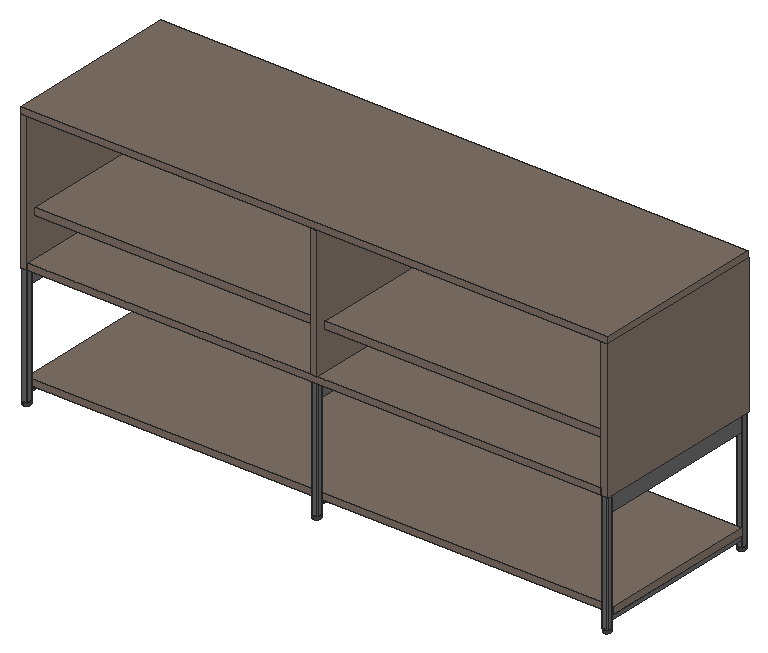
Revit family "Storage-Teknion-LWBHC_Byward_High_Cabinet-R2022", category Furniture, Revit 2022 (continued)
Lines and regions (in)
  symbolic lines, style "FurnitureHiddenLines", visible <- "Double Left Door Visibility", detail levels medium+fine
    curve 116: line (1.407, -6.95959, 0) -> (1.407, -6.27209, 0)
    curve 117: line (1.407, -6.27209, 0) -> (-14.597, -6.27209, 0)
  symbolic lines, style "FurnitureHiddenLines", visible <- "Single Left Door Visibility", detail levels medium+fine
    curve 60: line (-29.212, -6.922, 0) -> (-29.212, -6.234, 0)
    curve 61: line (-11.681, -6.922, 0) -> (-29.212, -6.922, 0)
    curve 62: line (-11.681, -6.234, 0) -> (-11.681, -6.922, 0)
    curve 118: line (-11.681, -6.27209, 0) -> (-29.212, -6.27209, 0)
    curve 119: line (-29.212, -6.27209, 0) -> (-29.212, -6.95959, 0)
    curve 120: line (-29.212, -6.95959, 0) -> (-11.681, -6.95959, 0)
    curve 121: line (-11.681, -6.95959, 0) -> (-11.681, -6.27209, 0)
  symbolic lines, style "FurnitureHiddenLines", visible <- "Double Right Door Visibility", detail levels medium+fine
    curve 63: line (-11.691, -6.23376, 0) -> (0.344, -6.23376, 0)
    curve 64: line (0.344, -6.23376, 0) -> (0.344, -6.92126, 0)
    curve 65: line (0.344, -6.92126, 0) -> (-11.691, -6.92126, 0)
    curve 66: line (29.253, -6.43576, 0) -> (14.715, -6.43576, 0)
    curve 67: line (14.715, -6.43576, 0) -> (14.715, -6.92126, 0)
    curve 68: line (14.715, -6.92126, 0) -> (29.253, -6.92126, 0)
    curve 69: line (29.253, -6.92126, 0) -> (29.253, -6.43576, 0)
    curve 122: line (14.597, -6.2725, 0) -> (0.344, -6.2725, 0)
    curve 123: line (0.344, -6.2725, 0) -> (0.344, -6.96, 0)
    curve 124: line (0.344, -6.96, 0) -> (14.597, -6.96, 0)
    curve 125: line (14.597, -6.96, 0) -> (14.597, -6.2725, 0)
    curve 126: line (29.253, -6.2725, 0) -> (14.715, -6.2725, 0)
    curve 127: line (14.715, -6.2725, 0) -> (14.715, -6.96, 0)
    curve 128: line (14.715, -6.96, 0) -> (29.253, -6.96, 0)
    curve 129: line (29.253, -6.96, 0) -> (29.253, -6.2725, 0)
  symbolic lines, style "FurnitureHiddenLines", visible <- "Single Right Door Visibility", detail levels medium+fine
    curve 70: line (11.869, -6.9215, 0) -> (29.313, -6.9215, 0)
    curve 71: line (29.313, -6.9215, 0) -> (29.313, -6.436, 0)
    curve 72: line (11.869, -6.234, 0) -> (11.869, -6.9215, 0)
  model lines
    curve 83: line (13.407, 0, 66.54502) -> (13.525, 0, 66.54502)
  symbolic lines, style "FurnitureHiddenLines", visible <- "Left Center Support Visibility", detail levels medium+fine
    curve 84: line (-2.366, 9.405, 0) -> (-2.366, -5.405, 0)
    curve 85: line (-2.366, -5.405, 0) -> (-0.30667, -6.283, 0)
    curve 86: line (-0.30667, -6.283, 0) -> (-0.134, -6.283, 0)
    curve 87: line (-0.134, -6.283, 0) -> (-0.134, 10.3125, 0)
    curve 88: line (-0.134, 10.3125, 0) -> (-0.23748, 10.3125, 0)
    curve 89: line (-0.23748, 10.3125, 0) -> (-2.366, 9.405, 0)
  symbolic lines, style "FurnitureHiddenLines", visible <- "Third Leg Visibility", detail levels fine
    curve 100: arc (-0.125, 10.61853, 0) -> (0, 10.49353, 0) -> (0.125, 10.61853, 0) r 0.125
    curve 101: arc (0.125, 10.61853, 0) -> (0, 10.74353, 0) -> (-0.125, 10.61853, 0) r 0.125
    curve 102: arc (-0.125, -6.619, 0) -> (0, -6.744, 0) -> (0.125, -6.619, 0) r 0.125
    curve 103: arc (0.125, -6.619, 0) -> (0, -6.494, 0) -> (-0.125, -6.619, 0) r 0.125
  symbolic lines, style "FurnitureHiddenLines", visible <- "Third Leg Visibility", detail levels medium+fine
    curve 138: line (-0.3125, -6.373, 0) -> (-0.3125, -6.818, 0)
    curve 139: arc (-0.3125, -6.818, 0) -> (-0.28614, -6.88164, 0) -> (-0.2225, -6.908, 0) r 0.09
    curve 140: line (-0.2225, -6.908, 0) -> (0.2225, -6.908, 0)
    curve 141: arc (0.2225, -6.908, 0) -> (0.28614, -6.88164, 0) -> (0.3125, -6.818, 0) r 0.09
    curve 142: line (0.3125, -6.818, 0) -> (0.3125, -6.373, 0)
    curve 143: arc (0.3125, -6.373, 0) -> (0.28614, -6.30936, 0) -> (0.2225, -6.283, 0) r 0.09
    curve 144: line (0.2225, -6.283, 0) -> (-0.2225, -6.283, 0)
    curve 145: arc (-0.2225, -6.283, 0) -> (-0.28614, -6.30936, 0) -> (-0.3125, -6.373, 0) r 0.09
    curve 146: line (0.3125, 10.4122, 0) -> (0.3125, 10.846, 0)
    curve 147: arc (0.3125, 10.846, 0) -> (0.28614, 10.90964, 0) -> (0.2225, 10.936, 0) r 0.09
    curve 148: line (0.2225, 10.936, 0) -> (-0.2225, 10.936, 0)
    curve 149: arc (-0.2225, 10.936, 0) -> (-0.28614, 10.90964, 0) -> (-0.3125, 10.846, 0) r 0.09
    curve 150: line (-0.3125, 10.846, 0) -> (-0.3125, 10.4122, 0)
    curve 151: arc (-0.3125, 10.4122, 0) -> (-0.28286, 10.34064, 0) -> (-0.2113, 10.311, 0) r 0.1012
    curve 152: line (-0.2113, 10.311, 0) -> (0.2113, 10.311, 0)
    curve 153: arc (0.2113, 10.311, 0) -> (0.28286, 10.34064, 0) -> (0.3125, 10.4122, 0) r 0.1012
  symbolic lines, style "FurnitureHiddenLines", visible <- "Shelf Both Sides Visibility", detail levels medium+fine
    curve 154: line (0.344, -6.07383, 0) -> (29.3125, -6.07383, 0)
    curve 155: line (29.3125, -6.07383, 0) -> (29.3125, 10.3125, 0)
    curve 156: line (29.3125, 10.3125, 0) -> (0.344, 10.3125, 0)
    curve 157: line (0.344, 10.3125, 0) -> (0.344, -6.07383, 0)
    curve 158: line (-29.3125, -6.07383, 0) -> (-0.344, -6.07383, 0)
    curve 159: line (-0.344, -6.07383, 0) -> (-0.344, 10.3125, 0)
    curve 160: line (-0.344, 10.3125, 0) -> (-29.3125, 10.3125, 0)
    curve 161: line (-29.3125, 10.3125, 0) -> (-29.3125, -6.07383, 0)
  symbolic lines, style "FurnitureHiddenLines", visible <- "Left Modern Straight (ADA) Handle", detail levels medium+fine
    curve 162: line (-16.14222, -7.69312, 0) -> (-15.66978, -7.69312, 0)
    curve 163: line (-13.64222, -7.69312, 0) -> (-13.16978, -7.69312, 0)
  symbolic lines, style "FurnitureHiddenLines", visible <- "Right Modern Straight (ADA) Handle", detail levels medium+fine
    curve 164: line (13.16978, -7.69312, 0) -> (14.54622, -7.69312, 0)
    curve 165: line (12.66978, -7.69312, 0) -> (13.14222, -7.69312, 0)
  reference lines
    curve 166: line (-30, 11, 0) -> (30, 11, 0)
    curve 167: line (-30, -7, 0) -> (-30, 11, 0)
    curve 168: line (30, -7, 0) -> (-30, -7, 0)
    curve 169: line (30, 11, 0) -> (30, -7, 0)
Dimensions and locks (in)
  "Width": plane 4 "Left" to plane 5 "Right"
  "Depth": plane 6 "Back" to plane 7 "Front"
  plane 8 "Top" to plane 10 to level = 7.65551", 19.59449"
  plane 6 "Back" to plane 1 "Center Front/Back" to plane 7 "Front" = 11.000", 7.000"
  equal spacing: plane 4 "Left", plane 3 "Center Left/Right", plane 5 "Right"
  Sweep 1 sketch curve to Sweep 1 sketch curve to level = 12.175" locked, 0.325" locked
  plane 4 "Left" to Sweep 1 sketch curve to Sweep 1 sketch curve to Sweep 1 sketch curve to Sweep 1 sketch curve = 0.031" locked, 0.000" locked, 0.625" locked, 0.000" locked
  Sweep 1 sketch curve to Sweep 1 sketch curve to Sweep 1 sketch curve to Sweep 1 sketch curve to plane 5 "Right" = 0.000" locked, 0.625" locked, 0.000" locked, 0.031" locked
  plane 6 "Back" to Sweep 1 sketch curve to Sweep 1 sketch curve to Sweep 1 sketch curve to Sweep 1 sketch curve = 0.064" locked, 0.000" locked, 0.625" locked, 0.000" locked
  plane 7 "Front" to Sweep 1 sketch curve to Sweep 1 sketch curve to Sweep 1 sketch curve to Sweep 1 sketch curve = 0.092" locked, 0.000" locked, 0.625" locked, 0.000" locked
  plane 7 "Front" to Sweep 2 sketch curve to Sweep 2 sketch curve = 2.261" locked, 0.134" locked
  Sweep 2 sketch curve to Sweep 2 sketch curve to Sweep 2 sketch curve to Sweep 2 sketch curve to level = 0.188" locked, 0.000" locked, 1.312" locked, 10.866" locked
  Sweep 2 sketch curve to Sweep 2 sketch curve to Sweep 2 sketch curve to Sweep 2 sketch curve to plane 4 "Left" = 1.812" locked, 0.02708" locked, 0.188" locked, 0.32592" locked
  Sweep 2 sketch curve to Sweep 2 sketch curve to Sweep 2 sketch curve to Sweep 2 sketch curve to level = 0.18516" locked, 0.00284" locked, 1.312" locked, 10.866" locked
  Sweep 2 sketch curve to Sweep 2 sketch curve to Sweep 2 sketch curve to Sweep 2 sketch curve to plane 5 "Right" = 1.812" locked, 0.00392" locked, 0.18408" locked, 0.32592" locked
  plane 6 "Back" to Sweep 3 sketch curve to Sweep 3 sketch curve = 2.261" locked, 0.134" locked
  plane 4 "Left" to Sweep 2 to Sweep 3 sketch curve to Sweep 3 sketch curve to Sweep 3 sketch curve = 0.32592" locked, 0.188" locked, 0.02708" locked, 1.812" locked
  Sweep 3 sketch curve to Sweep 3 sketch curve to Sweep 3 sketch curve to Sweep 3 sketch curve to level = 0.188" locked, 0.000" locked, 1.312" locked, 10.866" locked  (x2)
  plane 5 "Right" to Sweep 3 sketch curve to Sweep 3 sketch curve to Sweep 3 sketch curve = 0.54101" locked, 0.000" locked, 1.812" locked
  Sweep 4 sketch curve to plane 4 "Left" to Sweep 4 sketch curve = 0.6875" locked, 0.000" locked
  locked: plane 8 "Top" to Sweep 4 sketch curve at 0.6875  (x2)
  Sweep 4 sketch curve to plane 5 "Right" to Sweep 4 sketch curve = 0.6875" locked, 0.000" locked
  plane 4 "Left" to Sweep 5 sketch curve = 0.6875"
  locked: Sweep 5 sketch curve to plane 5 "Right" at 0.6875
  locked: Sweep 5 sketch curve to level at 12.5
  plane 6 "Back" to Sweep 5 sketch curve to Sweep 5 sketch curve = 0.000" locked, 0.6875" locked
  locked: plane 4 "Left" to Sweep 6 sketch curve at 0.6875
  locked: Sweep 6 sketch curve to plane 5 "Right" at 0.6875
  locked: plane 6 "Back" to Sweep 6 sketch curve at 0.6875
  Sweep 6 sketch curve to Sweep 6 sketch curve to level = 0.6875" locked, 12.500" locked
  Sweep 7 sketch curve to Sweep 7 sketch curve to level = 0.075" locked, 0.250" locked
  plane 6 "Back" to Sweep 7 sketch curve to Sweep 7 sketch curve = 0.38147" locked, 0.000" locked
  plane 7 "Front" to Sweep 7 sketch curve to Sweep 7 sketch curve = 0.40131", 0.000" locked
  plane 4 "Left" to Sweep 7 sketch curve to Sweep 7 sketch curve = 0.34591", 0.000" locked
  Sweep 7 sketch curve to Sweep 7 sketch curve to plane 5 "Right" = 0.000" locked, 0.34591" locked
  locked: Sweep 8 sketch curve to level at 0.25
  plane 4 "Left" to Sweep 8 sketch curve to Sweep 8 sketch curve = 0.34591" locked, 0.000" locked
  Sweep 8 sketch curve to Sweep 8 sketch curve to plane 5 "Right" = 0.000" locked, 0.34591" locked
  plane 7 "Front" to Sweep 8 sketch curve to Sweep 8 sketch curve = 0.39168" locked, 0.000" locked
  plane 6 "Back" to Sweep 8 sketch curve to Sweep 8 sketch curve = 0.3935" locked, 0.000" locked
  locked: plane 8 "Top" to Sweep 10 sketch curve at 0.6875
  "Center Divide Position Offset": plane 4 "Left" to plane 9 "Divider Reference Plane"
  locked: plane 6 "Back" to Sweep 10 sketch curve at 0.6875
  Sweep 10 sketch curve to plane 9 "Divider Reference Plane" to Sweep 10 sketch curve = 0.34375" locked, 0.34375" locked
  locked: plane 6 "Back" to Sweep 11 sketch curve at 0.6875
  locked: Sweep 11 sketch curve to plane 4 "Left" at 0.6875
  Sweep 11 sketch curve to Sweep 11 sketch curve to Sweep 11 sketch curve to Sweep 11 sketch curve to level = 0.000" locked, 0.6875" locked, 0.000" locked, 17.1875" locked
  locked: Sweep 11 sketch curve to plane 5 "Right" at 0.6875
  "Shelf Offset": Sweep 11 sketch curve to plane 9 "Divider Reference Plane"
  "Shelf Offset": plane 9 "Divider Reference Plane" to Sweep 11 sketch curve
  locked: plane 6 "Back" to Sweep 12 sketch curve at 0.767
  Sweep 12 sketch curve to Sweep 12 sketch curve to level = 0.6875" locked, 1.500" locked
  locked: Sweep 13 sketch curve to level at 12.559
  "Single Right Door Width": Sweep 13 sketch curve to Sweep 13 sketch curve
  plane 7 "Front" to Sweep 13 sketch curve to Sweep 13 sketch curve = 0.040" locked, 0.6875" locked
  "Single Right Door Offset 1": Sweep 13 sketch curve to plane 5 "Right"
  locked: Sweep 14 sketch curve to level at 12.559
  locked: plane 4 "Left" to Sweep 14 sketch curve at 0.788
  plane 14 "Door Face" to Sweep 14 sketch curve to Sweep 14 sketch curve = 0.00024" locked, 0.6875" locked
  "Single Left Door Width": Sweep 14 sketch curve to Sweep 14 sketch curve
  locked: Sweep 15 sketch curve to level at 12.559
  locked: Sweep 15 sketch curve to plane 5 "Right" at 0.747
  locked: Sweep 15 sketch curve to plane 7 "Front" at 0.7275
  Sweep 15 sketch curve to Sweep 15 sketch curve to Sweep 15 sketch curve to Sweep 15 sketch curve = 0.000" locked, 0.6875" locked, 0.000" locked
  locked: level to Sweep 16 sketch curve at 12.559
  locked: Sweep 16 sketch curve to plane 7 "Front" at 0.72791
  Sweep 16 sketch curve to Sweep 16 sketch curve to Sweep 16 sketch curve to Sweep 16 sketch curve = 0.000" locked, 0.6875" locked, 0.00024" locked
  locked: plane 6 "Back" to Sweep 17 sketch curve at 0.172
  "Single Shevle Height": plane 8 "Top" to Sweep 17 sketch curve to Sweep 17 sketch curve
  locked: Sweep 17 sketch curve to plane 4 "Left" at 0.6875
  locked: Sweep 17 sketch curve to plane 5 "Right" at 0.6875
  Sweep 18 sketch curve to plane 9 "Divider Reference Plane" to Sweep 18 sketch curve = 0.688" locked, 0.000" locked
  locked: Sweep 18 sketch curve to level at 13.1875
  locked: Sweep 19 sketch curve to plane 6 "Back" at 0.6875
  locked: Sweep 19 sketch curve to level at 13.1875
  plane 9 "Divider Reference Plane" to Sweep 19 sketch curve to Sweep 19 sketch curve = 0.000" locked, 0.688" locked
  Sweep 20 sketch curve to level to Sweep 20 sketch curve = 0.250", 0.000"
  locked: plane 6 "Back" to Sweep 20 sketch curve at 0.3935
  plane 9 "Divider Reference Plane" to Sweep 20 sketch curve to Sweep 20 sketch curve = 0.000" locked, 0.000" locked
  Sweep 21 sketch curve to Sweep 21 sketch curve to level = 0.075" locked, 0.250" locked
  plane 9 "Divider Reference Plane" to Sweep 21 sketch curve to Sweep 21 sketch curve = 0.000" locked, 0.000" locked
  Sweep 22 sketch curve to Sweep 22 sketch curve to level = 12.175" locked, 0.325" locked
  Sweep 22 sketch curve to Sweep 22 sketch curve to plane 9 "Divider Reference Plane" to Sweep 22 sketch curve to Sweep 22 sketch curve = 0.000" locked, 0.3125" locked, 0.3125" locked, 0.000" locked
  plane 6 "Back" to Sweep 22 sketch curve to Sweep 22 sketch curve = 0.064" locked, 0.625" locked
  plane 7 "Front" to Sweep 22 sketch curve to Sweep 22 sketch curve = 0.092" locked, 0.625" locked
  nested 2 to Sweep 14 = 4.03295"
  locked: nested 4 to Sweep 15 at 1
  locked: Sweep 15 to nested 5 at 1
  nested 3 to Sweep 13 = 10.80727"
  Sweep 23 sketch curve to Sweep 23 sketch curve to Sweep 23 sketch curve to Sweep 23 sketch curve to Sweep 23 sketch curve to plane 4 "Left" = 2.26311" locked, 0.00415" locked, 0.09873" locked, 0.134" locked, 0.219" locked
  Sweep 23 sketch curve to Sweep 23 sketch curve to Sweep 23 sketch curve to Sweep 23 sketch curve to Sweep 23 sketch curve to level = 0.134" locked, 0.09873" locked, 0.00415" locked, 1.51311" locked, 10.750" locked
  Sweep 23 sketch curve to Sweep 23 sketch curve to Sweep 23 sketch curve to Sweep 23 sketch curve to Sweep 23 sketch curve to plane 4 "Left" = 2.25946" locked, 0.00667" locked, 0.09987" locked, 0.134" locked, 0.219" locked
  Sweep 23 sketch curve to Sweep 23 sketch curve to Sweep 23 sketch curve to Sweep 23 sketch curve to Sweep 23 sketch curve to level = 0.134" locked, 0.09987" locked, 0.00576" locked, 0.38536" locked, 0.875" locked
  Sweep 24 sketch curve to Sweep 24 sketch curve to Sweep 24 sketch curve to Sweep 24 sketch curve to Sweep 24 sketch curve to plane 5 "Right" = 2.26533" locked, 0.00033" locked, 0.10034" locked, 0.134" locked, 0.188" locked
  Sweep 24 sketch curve to Sweep 24 sketch curve to Sweep 24 sketch curve to Sweep 24 sketch curve to Sweep 24 sketch curve to level = 0.134" locked, 0.10034" locked, 0.00033" locked, 1.51533" locked, 10.750" locked
  Sweep 24 sketch curve to Sweep 24 sketch curve to Sweep 24 sketch curve to Sweep 24 sketch curve to Sweep 24 sketch curve to plane 5 "Right" = 2.26544" locked, 0.00009" locked, 0.10047" locked, 0.134" locked, 0.188" locked
  Sweep 24 sketch curve to Sweep 24 sketch curve to Sweep 24 sketch curve to Sweep 24 sketch curve to Sweep 24 sketch curve to level = 0.134" locked, 0.10047" locked, 0.00009" locked, 0.39044" locked, 0.875" locked
  Sweep 25 sketch curve to Sweep 25 sketch curve to Sweep 25 sketch curve to Sweep 25 sketch curve to plane 9 "Divider Reference Plane" to Sweep 25 sketch curve = 2.232" locked, 0.000" locked, 0.134" locked, 0.000", 0.134" locked  (x2)
  Sweep 25 sketch curve to Sweep 25 sketch curve to Sweep 25 sketch curve to Sweep 25 sketch curve to Sweep 25 sketch curve to level = 0.134" locked, 0.134" locked, 0.000" locked, 1.482" locked, 10.750" locked
  Sweep 25 sketch curve to Sweep 25 sketch curve to Sweep 25 sketch curve to Sweep 25 sketch curve to Sweep 25 sketch curve to level = 0.134" locked, 0.134" locked, 0.000" locked, 0.357" locked, 0.875" locked
  Sweep 26 sketch curve to Sweep 26 sketch curve to plane 9 "Divider Reference Plane" to Sweep 26 sketch curve to Sweep 26 sketch curve to Sweep 26 sketch curve = 0.134" locked, 0.000" locked, 0.134" locked, 0.000" locked, 2.232" locked  (x2)
  Sweep 26 sketch curve to Sweep 26 sketch curve to Sweep 26 sketch curve to Sweep 26 sketch curve to Sweep 26 sketch curve to level = 0.134" locked, 0.134" locked, 0.000" locked, 0.732" locked, 11.500" locked
  Sweep 26 sketch curve to Sweep 26 sketch curve to Sweep 26 sketch curve to Sweep 26 sketch curve to Sweep 26 sketch curve to level = 0.134" locked, 0.134" locked, 0.000" locked, 0.357" locked, 0.875" locked
  Sweep 27 sketch curve to Sweep 27 sketch curve to plane 7 "Front" = 0.134" locked, 2.261" locked
  Sweep 27 sketch curve to Sweep 27 sketch curve to Sweep 27 sketch curve to Sweep 27 sketch curve to level = 0.188" locked, 0.000" locked, 1.312" locked, 10.866" locked
  Sweep 27 sketch curve to Sweep 27 sketch curve to Sweep 27 sketch curve to Sweep 27 sketch curve to plane 9 "Divider Reference Plane" = 1.812" locked, 0.000" locked, 0.188" locked, 0.000" locked
  plane 6 "Back" to Sweep 28 sketch curve to Sweep 28 sketch curve = 2.261", 0.134"
  Sweep 28 sketch curve to Sweep 28 sketch curve to Sweep 28 sketch curve to Sweep 28 sketch curve to level = 0.188" locked, 0.000" locked, 1.312" locked, 10.866" locked
  Sweep 28 sketch curve to Sweep 28 sketch curve to Sweep 28 sketch curve to Sweep 28 sketch curve to plane 9 "Divider Reference Plane" = 1.812" locked, 0.000" locked, 0.188" locked, 0.000" locked
  plane 7 "Front" to Sweep 29 sketch curve to Sweep 29 sketch curve = 2.261" locked, 0.134" locked
  Sweep 29 sketch curve to Sweep 29 sketch curve to Sweep 29 sketch curve to Sweep 29 sketch curve to level = 0.188" locked, 0.000" locked, 1.312" locked, 10.866" locked
  Sweep 29 sketch curve to Sweep 29 sketch curve to Sweep 29 sketch curve to plane 9 "Divider Reference Plane" to Sweep 29 sketch curve = 1.812" locked, 0.000" locked, 0.16499" locked, 0.02301" locked
  Sweep 30 sketch curve to Sweep 30 sketch curve to plane 6 "Back" = 0.134" locked, 2.261" locked
  Sweep 30 sketch curve to Sweep 30 sketch curve to Sweep 30 sketch curve to Sweep 30 sketch curve to level = 0.188" locked, 0.000" locked, 1.312" locked, 10.866" locked
  Sweep 30 sketch curve to Sweep 30 sketch curve to Sweep 30 sketch curve to plane 9 "Divider Reference Plane" to Sweep 30 sketch curve = 1.812" locked, 0.000" locked, 0.16499" locked, 0.02301" locked
  Sweep 31 sketch curve to Sweep 31 sketch curve to level = 12.500" locked, 0.6875" locked
  Sweep 31 sketch curve to Sweep 31 sketch curve to plane 6 "Back" = 1.03099" locked, 0.58877" locked  (x3)
  plane 4 "Left" to Sweep 31 sketch curve to Sweep 31 sketch curve to Sweep 31 sketch curve to Sweep 31 sketch curve = 0.33183" locked, 0.00144" locked, 2.41673" locked, 0.000" locked
  Sweep 31 sketch curve to Sweep 31 sketch curve to Sweep 31 sketch curve to Sweep 31 sketch curve to plane 5 "Right" = 0.000" locked, 2.41673" locked, 0.00144" locked, 0.33183" locked
  Sweep 32 sketch curve to Sweep 32 sketch curve to level = 12.500" locked, 0.6875" locked
  Sweep 32 sketch curve to Sweep 32 sketch curve to plane 6 "Back" = 1.03099" locked, 0.58877" locked
  Sweep 32 sketch curve to Sweep 32 sketch curve to Sweep 32 sketch curve to Sweep 32 sketch curve to plane 9 "Divider Reference Plane" = 0.000" locked, 2.41817" locked, 0.000" locked, 0.00591" locked
  locked: plane 4 "Left" to curve 60 at 0.788
  "Single Left Door Width": curve 60 to curve 62
  "Single Right Door Offset 1": curve 71 to plane 5 "Right"
  "Single Right Door Width": curve 72 to curve 71
  "Actual Height": plane 8 "Top" to plane 2
  locked: plane 8 "Top" to Sweep 9 sketch curve at 0.6875
  locked: Sweep 4 sketch curve to plane 2 at 12.5  (x2)
  locked: Sweep 10 sketch curve to level at 13.1875
  locked: plane 8 "Top" to Sweep 15 sketch curve at 0.747
  locked: plane 6 "Back" to Sweep 23 sketch curve at 0.689
  locked: plane 7 "Front" to Sweep 23 sketch curve at 0.717
  locked: plane 6 "Back" to Sweep 26 sketch curve at 0.6875
  locked: plane 7 "Front" to Sweep 26 sketch curve at 0.717
  locked: plane 6 "Back" to Sweep 25 sketch curve at 0.6875
  locked: plane 7 "Front" to Sweep 25 sketch curve at 0.717
  locked: plane 6 "Back" to Sweep 24 sketch curve at 0.6875
  locked: plane 7 "Front" to Sweep 24 sketch curve at 0.717
  plane 7 "Front" to Sweep 31 sketch curve to Sweep 31 sketch curve = 0.61738" locked, 1.03038" locked  (x2)
  plane 7 "Front" to Sweep 31 sketch curve to Sweep 31 sketch curve = 0.58877" locked, 1.03099" locked
  plane 7 "Front" to Sweep 32 sketch curve to Sweep 32 sketch curve = 0.58877" locked, 1.03099" locked
  locked: plane 8 "Top" to Sweep 16 sketch curve at 0.747
  locked: plane 8 "Top" to Sweep 14 sketch curve at 0.747
  locked: plane 8 "Top" to Sweep 13 sketch curve at 0.747
  locked: plane 8 "Top" to Sweep 19 sketch curve at 0.6875
  locked: plane 8 "Top" to Sweep 18 sketch curve at 0.6875
  locked: Sweep 12 sketch curve to plane 7 "Front" at 0.767
  locked: plane 7 "Front" to Sweep 17 sketch curve at 0.886
  locked: plane 7 "Front" to Sweep 20 sketch curve at 0.391
  locked: plane 6 "Back" to Sweep 21 sketch curve at 0.38147
  locked: plane 7 "Front" to Sweep 21 sketch curve at 0.381
  plane 11 "Left Ref 1" to Sweep 33 sketch curve to Sweep 33 sketch curve = 1.01378" locked, 0.47244" locked
  plane 13 to Sweep 33 sketch curve to Sweep 33 sketch curve = 0.83416" locked, 7.51969" locked
  plane 13 to Sweep 34 sketch curve to Sweep 34 sketch curve = 1.64538" locked, 5.89724" locked
  Sweep 34 sketch curve to Sweep 34 sketch curve to plane 11 "Left Ref 1" = 0.500" locked, 1.000" locked
  Sweep 33 sketch curve to plane 7 "Front" to Sweep 33 sketch curve = 1.35862" locked, 0.04038" locked
  Sweep 34 sketch curve to plane 7 "Front" to Sweep 34 sketch curve = 0.98324" locked, 0.04038" locked
  locked: Sweep 33 sketch curve to plane 11 "Left Ref 1" at 1.25
  Sweep 35 sketch curve to Sweep 35 sketch curve to plane 11 "Left Ref 1" = 0.47244" locked, 1.01378" locked
  plane 13 to Sweep 35 sketch curve to Sweep 35 sketch curve = 0.83416" locked, 7.51969" locked
  Sweep 35 sketch curve to plane 7 "Front" to Sweep 35 sketch curve = 0.040" locked, 1.35862" locked
  plane 13 to Sweep 36 sketch curve to Sweep 36 sketch curve = 1.64538" locked, 5.89724" locked
  Sweep 36 sketch curve to Sweep 36 sketch curve to plane 11 "Left Ref 1" = 0.500" locked, 1.000" locked
  Sweep 36 sketch curve to plane 7 "Front" to Sweep 36 sketch curve = 0.04038" locked, 0.98324" locked
  plane 12 to Sweep 37 sketch curve to Sweep 37 sketch curve = 1.01378" locked, 0.47244" locked
  plane 13 to Sweep 37 sketch curve to Sweep 37 sketch curve = 0.83416" locked, 7.51969" locked
  Sweep 37 sketch curve to plane 7 "Front" to Sweep 37 sketch curve = 1.35862" locked, 0.040" locked
  plane 13 to Sweep 38 sketch curve to Sweep 38 sketch curve = 1.64538" locked, 5.89724" locked
  Sweep 38 sketch curve to Sweep 38 sketch curve to plane 12 = 0.500" locked, 1.000" locked
  Sweep 38 sketch curve to plane 7 "Front" to Sweep 38 sketch curve = 0.98324" locked, 0.04038" locked
  Sweep 39 sketch curve to Sweep 39 sketch curve to plane 12 = 0.47244" locked, 1.01378" locked
  plane 13 to Sweep 39 sketch curve to Sweep 39 sketch curve = 0.83416" locked, 7.51969" locked
  Sweep 39 sketch curve to plane 7 "Front" to Sweep 39 sketch curve = 0.040" locked, 1.35862" locked
  plane 13 to Sweep 40 sketch curve to Sweep 40 sketch curve = 1.64538" locked, 5.89724" locked
  Sweep 40 sketch curve to Sweep 40 sketch curve to plane 12 = 0.500" locked, 1.000" locked
  Sweep 40 sketch curve to plane 7 "Front" to Sweep 40 sketch curve = 0.04038" locked, 0.98324" locked
  locked: plane 12 to Sweep 39 sketch curve at 1.25
  locked: Sweep 37 sketch curve to plane 12 at 1.25
  locked: plane 7 "Front" to Sweep 40 sketch curve at 0.04038
  locked: plane 7 "Front" to Sweep 38 sketch curve at 0.04038
  locked: plane 11 "Left Ref 1" to Sweep 35 sketch curve at 1.25
  locked: plane 7 "Front" to Sweep 34 sketch curve at 0.04038
  "Double Handle DIM": plane 4 "Left" to plane 11 "Left Ref 1"
  "Double Handle DIM": plane 12 to plane 5 "Right"
  locked: plane 14 "Door Face" to plane 7 "Front" at 0.04017
  "Middle Door DIM 2": plane 11 "Left Ref 1" to Sweep 15 sketch curve
  Sweep 15 sketch curve to plane 12 to Sweep 15 sketch curve = 0.059" locked, 0.059" locked
  locked: plane 4 "Left" to Sweep 16 sketch curve at 0.747
  locked: Sweep 16 sketch curve to plane 11 "Left Ref 1" at 0.059
  locked: plane 11 "Left Ref 1" to Sweep 16 sketch curve at 0.059
  "Middle Door DIM": Sweep 16 sketch curve to plane 12
  Sweep 6 sketch curve to plane 7 "Front" = 0.000"
  locked: plane 8 "Top" to Sweep 5 sketch curve at 0.6875
  locked: Sweep 11 sketch curve to plane 7 "Front" at 0.92617
  nested 14 to plane 3 "Center Left/Right" = 0.19639"
  Sweep 44 sketch curve to plane 15 "Single Right Handle" to Sweep 44 sketch curve = 0.23622" locked, 0.23622" locked
  plane 13 to Sweep 44 sketch curve to Sweep 44 sketch curve = 0.83416" locked, 7.51969" locked
  Sweep 44 sketch curve to Sweep 44 sketch curve to plane 14 "Door Face" = 1.399" locked, 0.00017" locked
  plane 13 to Sweep 45 sketch curve to Sweep 45 sketch curve = 1.64538" locked, 5.89724" locked
  Sweep 45 sketch curve to plane 15 "Single Right Handle" to Sweep 45 sketch curve = 0.250" locked, 0.250" locked
  Sweep 45 sketch curve to Sweep 45 sketch curve to plane 14 "Door Face" = 1.023" locked, 0.00017" locked
  locked: plane 14 "Door Face" to Sweep 45 sketch curve at 3.25546
  Sweep 46 sketch curve to Sweep 46 sketch curve to plane 3 "Center Left/Right" = 0.47244" locked, 1.01762" locked
  plane 13 to Sweep 46 sketch curve to Sweep 46 sketch curve = 0.83416" locked, 7.51969" locked
  plane 14 "Door Face" to Sweep 46 sketch curve to Sweep 46 sketch curve = 0.00017" locked, 1.399" locked
  plane 13 to Sweep 48 sketch curve to Sweep 48 sketch curve = 1.64538" locked, 5.89724" locked
  plane 3 "Center Left/Right" to Sweep 48 sketch curve to Sweep 48 sketch curve = 1.00384" locked, 0.500" locked
  plane 14 "Door Face" to Sweep 48 sketch curve to Sweep 48 sketch curve = 0.00017" locked, 1.023" locked
  locked: Sweep 46 sketch curve to plane 3 "Center Left/Right" at 1.25384
  locked: plane 14 "Door Face" to Sweep 48 sketch curve at 3.25546
  locked: plane 3 "Center Left/Right" to nested 17 at 0.19655
  locked: Sweep 47 sketch curve to plane 14 "Door Face" at 0.74991
  Sweep 47 sketch curve to plane 3 "Center Left/Right" to Sweep 47 sketch curve = 8.681" locked, 0.319" locked
  locked: plane 3 "Center Left/Right" to Sweep 47 sketch curve at 8.42939
  plane 8 "Top" to Sweep 47 sketch curve to Sweep 47 sketch curve = 0.747" locked, 0.18628" locked
  Sweep 49 sketch curve to Sweep 49 sketch curve to plane 11 "Left Ref 1" = 9.000" locked, 0.059" locked
  locked: plane 14 "Door Face" to Sweep 49 sketch curve at 0.74991
  locked: Sweep 49 sketch curve to plane 11 "Left Ref 1" at 0.49861
  plane 8 "Top" to Sweep 49 sketch curve to Sweep 49 sketch curve = 0.747" locked, 0.18628" locked
  locked: plane 11 "Left Ref 1" to Sweep 50 sketch curve at 0.49861
  plane 8 "Top" to Sweep 50 sketch curve to Sweep 50 sketch curve = 0.747" locked, 0.18628" locked
  plane 11 "Left Ref 1" to Sweep 50 sketch curve to Sweep 50 sketch curve = 0.059" locked, 9.000" locked
  locked: plane 14 "Door Face" to Sweep 50 sketch curve at 0.74991
  plane 12 to Sweep 41 sketch curve to Sweep 41 sketch curve = 0.059" locked, 9.000" locked
  locked: plane 14 "Door Face" to Sweep 41 sketch curve at 0.74991
  plane 8 "Top" to Sweep 41 sketch curve to Sweep 41 sketch curve = 0.747" locked, 0.18628" locked
  locked: Sweep 41 sketch curve to plane 12 at 1.64339
  Sweep 42 sketch curve to Sweep 42 sketch curve to plane 12 = 9.000" locked, 0.059" locked
  locked: plane 14 "Door Face" to Sweep 42 sketch curve at 0.74991
  locked: plane 12 to Sweep 42 sketch curve at 3.61139
  plane 8 "Top" to Sweep 42 sketch curve to Sweep 42 sketch curve = 0.747" locked, 0.18628" locked
  locked: nested 14 to plane 15 "Single Right Handle" at 1.45039
  "DIM Single Right Handle": plane 3 "Center Left/Right" to plane 15 "Single Right Handle"
  locked: plane 7 "Front" to Sweep 18 sketch curve at 0.827
  locked: plane 6 "Back" to Sweep 18 sketch curve at 0.58841
  locked: plane 7 "Front" to Sweep 19 sketch curve at 0.7275
  locked: Sweep 18 sketch curve to plane 9 "Divider Reference Plane" at 1.466
  locked: plane 11 "Left Ref 1" to nested 1 at 1.715
  locked: plane 15 "Single Right Handle" to nested 3 at 0.46478
  locked: nested 2 to plane 11 "Left Ref 1" at 1.715
  locked: nested 18 to plane 3 "Center Left/Right" at 1.71878
  Sweep 43 sketch curve to plane 15 "Single Right Handle" to Sweep 43 sketch curve = 1.191" locked, 7.809" locked
  locked: plane 14 "Door Face" to Sweep 43 sketch curve at 0.74993
  locked: Sweep 43 sketch curve to plane 15 "Single Right Handle" at 0.47661
  plane 8 "Top" to Sweep 43 sketch curve to Sweep 43 sketch curve = 0.747" locked, 0.18628" locked
  locked: plane 9 "Divider Reference Plane" to Sweep 31 sketch curve at 2.41817  (x2)
  aligned and locked: level to plane 2
  aligned and locked: plane 3 "Center Left/Right" to Sweep 1 sketch curve
  aligned and locked: plane 3 "Center Left/Right" to Sweep 2 sketch curve
  aligned and locked: plane 3 "Center Left/Right" to Sweep 3 sketch curve
  aligned and locked: plane 6 "Back" to Sweep 4 sketch curve
  aligned and locked: plane 7 "Front" to Sweep 4 sketch curve
  aligned and locked: Sweep 4 sketch curve to plane 3 "Center Left/Right"
  aligned and locked: plane 1 "Center Front/Back" to Sweep 5 sketch curve
  aligned and locked: plane 1 "Center Front/Back" to Sweep 6 sketch curve
  aligned and locked: plane 3 "Center Left/Right" to Sweep 7 sketch curve
  aligned and locked: level to Sweep 8 sketch curve
  aligned and locked: Sweep 8 sketch curve to plane 3 "Center Left/Right"
  aligned and locked: Sweep 9 sketch curve to plane 3 "Center Left/Right"
  aligned and locked: Sweep 9 sketch curve to plane 7 "Front"
  aligned and locked: Sweep 9 sketch curve to plane 6 "Back"
  aligned and locked: plane 5 "Right" to Sweep 9 sketch curve
  aligned and locked: Sweep 9 sketch curve to plane 4 "Left"
  aligned and locked: Masking region 1 sketch curve to plane 6 "Back"
  aligned and locked: plane 7 "Front" to Masking region 1 sketch curve
  aligned and locked: Masking region 1 sketch curve to plane 4 "Left"
  aligned and locked: plane 5 "Right" to Masking region 1 sketch curve
  aligned and locked: plane 3 "Center Left/Right" to Sweep 10 sketch curve
  aligned and locked: Sweep 11 sketch curve to plane 9 "Divider Reference Plane"
  aligned and locked: plane 4 "Left" to Sweep 12 sketch curve
  aligned and locked: plane 5 "Right" to Sweep 12 sketch curve
  aligned and locked: plane 1 "Center Front/Back" to Sweep 12 sketch curve
  aligned and locked: plane 9 "Divider Reference Plane" to Sweep 13 sketch curve
  aligned and locked: Sweep 14 sketch curve to plane 9 "Divider Reference Plane"
  aligned and locked: Sweep 15 sketch curve to plane 3 "Center Left/Right"
  aligned and locked: Sweep 16 sketch curve to plane 9 "Divider Reference Plane"
  aligned and locked: Sweep 17 sketch curve to plane 9 "Divider Reference Plane"
  aligned and locked: Sweep 19 sketch curve to plane 9 "Divider Reference Plane"
  aligned and locked: plane 3 "Center Left/Right" to Sweep 20 sketch curve
  aligned and locked: Sweep 21 sketch curve to plane 9 "Divider Reference Plane"
  aligned and locked: Sweep 22 sketch curve to plane 9 "Divider Reference Plane"
  aligned and locked: plane 10 to nested 1
  aligned and locked: plane 10 to nested 2
  aligned and locked: plane 10 to nested 3
  aligned and locked: plane 10 to nested 4
  aligned and locked: plane 10 to nested 5
  aligned and locked: nested 2 to Sweep 14
  aligned and locked: nested 5 to Sweep 15
  aligned and locked: nested 4 to Sweep 15
  aligned and locked: Sweep 13 to nested 3
  aligned and locked: plane 9 "Divider Reference Plane" to Sweep 23 sketch curve
  aligned and locked: Sweep 24 sketch curve to plane 3 "Center Left/Right"
  aligned and locked: Sweep 25 sketch curve to plane 3 "Center Left/Right"
  aligned and locked: Sweep 26 sketch curve to plane 9 "Divider Reference Plane"
  aligned and locked: plane 9 "Divider Reference Plane" to Sweep 27 sketch curve
  aligned and locked: plane 3 "Center Left/Right" to Sweep 28 sketch curve
  aligned and locked: plane 3 "Center Left/Right" to Sweep 29 sketch curve
  aligned and locked: plane 9 "Divider Reference Plane" to Sweep 30 sketch curve
  aligned and locked: plane 3 "Center Left/Right" to Sweep 31 sketch curve
  aligned and locked: Sweep 32 sketch curve to plane 3 "Center Left/Right"
  aligned and locked: curve 42 to cut or joined group of Sweep 23, Sweep 31
  aligned and locked: curve 43 to cut or joined group of Sweep 23, Sweep 31
  aligned and locked: curve 45 to cut or joined group of Sweep 24, Sweep 31
  aligned and locked: cut or joined group of Sweep 24, Sweep 31 to curve 46
  aligned and locked: cut or joined group of Sweep 24, Sweep 31 to curve 47
  aligned and locked: curve 48 to cut or joined group of Sweep 24, Sweep 31
  aligned and locked: curve 50 to Sweep 2
  aligned and locked: curve 51 to Sweep 2
  aligned and locked: Sweep 2 to curve 52
  aligned and locked: curve 53 to Sweep 2
  aligned and locked: Sweep 2 to curve 54
  aligned and locked: curve 55 to Sweep 2
  aligned and locked: curve 56 to Sweep 2
  aligned and locked: curve 57 to Sweep 2
  aligned and locked: curve 64 to Sweep 15
  aligned and locked: Sweep 15 to curve 67
  aligned and locked: Sweep 15 to curve 69
  aligned and locked: curve 75 to Sweep 8
  aligned and locked: curve 76 to Sweep 8
  aligned and locked: curve 81 to Sweep 8
  aligned and locked: curve 82 to Sweep 8
  aligned and locked: plane 8 "Top" to Sweep 9 sketch curve
  aligned and locked: nested 6 to plane 12
  aligned and locked: nested 6 to plane 13
  aligned and locked: nested 7 to plane 13
  aligned and locked: nested 7 to plane 12
  aligned and locked: nested 9 to plane 13
  aligned and locked: nested 8 to plane 13
  aligned and locked: nested 9 to plane 11 "Left Ref 1"
  aligned and locked: nested 8 to plane 11 "Left Ref 1"
  aligned and locked: nested 9 to plane 14 "Door Face"
  aligned and locked: plane 14 "Door Face" to nested 8
  aligned and locked: plane 14 "Door Face" to nested 7
  aligned and locked: nested 6 to plane 14 "Door Face"
  aligned and locked: nested 10 to plane 12
  aligned and locked: nested 13 to plane 11 "Left Ref 1"
  aligned and locked: nested 12 to plane 11 "Left Ref 1"
  aligned and locked: nested 11 to plane 12
  aligned and locked: nested 13 to plane 13
  aligned and locked: nested 12 to plane 13
  aligned and locked: nested 11 to plane 13
  aligned and locked: nested 10 to plane 13
  aligned and locked: nested 14 to plane 13
  aligned and locked: nested 14 to plane 14 "Door Face"
  aligned and locked: plane 9 "Divider Reference Plane" to nested 15
  aligned and locked: nested 15 to plane 13
  aligned and locked: nested 15 to plane 14 "Door Face"
  aligned and locked: plane 3 "Center Left/Right" to nested 16
  aligned and locked: nested 16 to plane 13
  aligned and locked: plane 14 "Door Face" to nested 16
  aligned and locked: nested 17 to plane 13
  aligned and locked: plane 14 "Door Face" to Sweep 47 sketch curve
  aligned and locked: Sweep 49 sketch curve to plane 14 "Door Face"
  aligned and locked: plane 14 "Door Face" to Sweep 50 sketch curve
  aligned and locked: plane 14 "Door Face" to Sweep 41 sketch curve
  aligned and locked: Sweep 42 sketch curve to plane 14 "Door Face"
  aligned and locked: Sweep 44 sketch curve to plane 15 "Single Right Handle"
  aligned and locked: plane 14 "Door Face" to nested 1
  aligned and locked: nested 18 to plane 14 "Door Face"
  aligned and locked: nested 18 to plane 10
  aligned and locked: plane 14 "Door Face" to Sweep 43 sketch curve
  aligned and locked: Sweep 10 sketch curve to plane 7 "Front"
  aligned and locked: curve 84 to cut or joined group of Sweep 26, Sweep 32
  aligned and locked: curve 85 to cut or joined group of Sweep 26, Sweep 32
  aligned and locked: curve 86 to cut or joined group of Sweep 26, Sweep 32
  aligned and locked: curve 87 to cut or joined group of Sweep 26, Sweep 32
  aligned and locked: curve 88 to cut or joined group of Sweep 26, Sweep 32
  aligned and locked: curve 89 to cut or joined group of Sweep 26, Sweep 32
  aligned and locked: curve 90 to cut or joined group of Sweep 25, Sweep 31
  aligned and locked: curve 91 to cut or joined group of Sweep 25, Sweep 31
  aligned and locked: curve 92 to cut or joined group of Sweep 25, Sweep 31
  aligned and locked: curve 93 to cut or joined group of Sweep 25, Sweep 31
  aligned and locked: cut or joined group of Sweep 25, Sweep 31 to curve 94
  aligned and locked: curve 95 to cut or joined group of Sweep 25, Sweep 31
  aligned and locked: curve 96 to Sweep 7
  aligned and locked: curve 97 to Sweep 7
  aligned and locked: curve 98 to Sweep 7
  aligned and locked: curve 99 to Sweep 7
  aligned and locked: curve 100 to Sweep 21
  aligned and locked: curve 101 to Sweep 21
  aligned and locked: curve 102 to Sweep 21
  aligned and locked: curve 103 to Sweep 21
  aligned and locked: curve 105 to Sweep 7
  aligned and locked: curve 106 to Sweep 7
  aligned and locked: curve 107 to Sweep 7
  aligned and locked: curve 108 to Sweep 8
  aligned and locked: curve 109 to Sweep 8
  aligned and locked: curve 110 to cut or joined group of Sweep 16, Sweep 45, Sweep 48
  aligned and locked: curve 111 to cut or joined group of Sweep 16, Sweep 45, Sweep 48
  aligned and locked: curve 112 to cut or joined group of Sweep 16, Sweep 45, Sweep 48
  aligned and locked: curve 113 to cut or joined group of Sweep 16, Sweep 45, Sweep 48
  aligned and locked: curve 114 to cut or joined group of Sweep 16, Sweep 45, Sweep 48
  aligned and locked: curve 115 to cut or joined group of Sweep 16, Sweep 45, Sweep 48
  aligned and locked: curve 116 to cut or joined group of Sweep 16, Sweep 45, Sweep 48
  aligned and locked: curve 117 to cut or joined group of Sweep 16, Sweep 45, Sweep 48
  aligned and locked: curve 118 to Sweep 14
  aligned and locked: curve 119 to Sweep 14
  aligned and locked: curve 120 to Sweep 14
  aligned and locked: curve 121 to Sweep 14
  aligned and locked: curve 122 to cut or joined group of Sweep 15, Sweep 45, Sweep 48
  aligned and locked: curve 123 to cut or joined group of Sweep 15, Sweep 45, Sweep 48
  aligned and locked: curve 124 to cut or joined group of Sweep 15, Sweep 45, Sweep 48
  aligned and locked: curve 125 to cut or joined group of Sweep 15, Sweep 45, Sweep 48
  aligned and locked: curve 126 to cut or joined group of Sweep 15, Sweep 45, Sweep 48
  aligned and locked: curve 127 to cut or joined group of Sweep 15, Sweep 45, Sweep 48
  aligned and locked: curve 128 to cut or joined group of Sweep 15, Sweep 45, Sweep 48
  aligned and locked: curve 129 to cut or joined group of Sweep 15, Sweep 45, Sweep 48
  aligned and locked: curve 130 to Sweep 1
  aligned and locked: curve 132 to Sweep 1
  aligned and locked: curve 134 to Sweep 1
  aligned and locked: curve 136 to Sweep 1
  aligned and locked: curve 139 to Sweep 22
  aligned and locked: curve 141 to Sweep 22
  aligned and locked: curve 143 to Sweep 22
  aligned and locked: curve 145 to Sweep 22
  aligned and locked: curve 147 to Sweep 22
  aligned and locked: curve 149 to Sweep 22
  aligned and locked: curve 151 to Sweep 22
  aligned and locked: curve 153 to Sweep 22
  aligned and locked: cut or joined group of Sweep 11, Sweep 45 to curve 154
  aligned and locked: curve 155 to cut or joined group of Sweep 11, Sweep 45
  aligned and locked: curve 156 to cut or joined group of Sweep 11, Sweep 45
  aligned and locked: curve 157 to cut or joined group of Sweep 11, Sweep 45
  aligned and locked: curve 158 to cut or joined group of Sweep 11, Sweep 45
  aligned and locked: curve 159 to cut or joined group of Sweep 11, Sweep 45
  aligned and locked: curve 160 to cut or joined group of Sweep 11, Sweep 45
  aligned and locked: curve 161 to cut or joined group of Sweep 11, Sweep 45
  aligned and locked: Masking region 2 sketch curve to cut or joined group of Sweep 33, Sweep 34, Sweep 36  (x4)
  aligned and locked: curve 162 to cut or joined group of Sweep 33, Sweep 34, Sweep 36
  aligned and locked: Masking region 3 sketch curve to cut or joined group of Sweep 35, Sweep 36, Sweep 38  (x4)
  aligned and locked: curve 163 to cut or joined group of Sweep 35, Sweep 36, Sweep 38
  aligned and locked: Masking region 4 sketch curve to cut or joined group of Sweep 46, Sweep 48  (x4)
  aligned and locked: Masking region 5 sketch curve to cut or joined group of Sweep 44, Sweep 45, Sweep 48  (x4)
  aligned and locked: Masking region 6 sketch curve to cut or joined group of Sweep 37, Sweep 38, Sweep 40, Sweep 45  (x4)
  aligned and locked: cut or joined group of Sweep 37, Sweep 38, Sweep 40, Sweep 45 to curve 164
  aligned and locked: Masking region 7 sketch curve to cut or joined group of Sweep 39, Sweep 40  (x4)
  aligned and locked: curve 165 to cut or joined group of Sweep 39, Sweep 40
  aligned and locked: curve 166 to Sweep 4
  aligned and locked: curve 167 to Sweep 4
  aligned and locked: curve 168 to Sweep 4
  aligned and locked: plane 5 "Right" to curve 169
  aligned and locked: nested 19 to plane 5 "Right"
  aligned and locked: nested 19 to plane 6 "Back"
  aligned and locked: plane 4 "Left" to nested 20
  aligned and locked: nested 20 to plane 6 "Back"
  aligned and locked: nested 21 to plane 4 "Left"
  aligned and locked: plane 7 "Front" to nested 21
  aligned and locked: nested 22 to plane 5 "Right"
  aligned and locked: plane 7 "Front" to nested 22
Automatic sketch dimensions
  plane 12 to curve 83 = 1.249"
  curve 83 to curve 83 = 0.118"
  plane 8 "Top" to curve 83 = 39.29502"
  Sweep 1 sketch curve to Sweep 1 sketch curve = 0.0844"  (x4)
  Sweep 1 sketch curve to Sweep 1 sketch curve = 0.0956"  (x4)
  Sweep 1 sketch curve to Sweep 1 sketch curve = 0.090"  (x6)
  Sweep 1 sketch curve to Sweep 1 sketch curve = 0.1012"  (x2)
  Sweep 3 sketch curve to Sweep 3 sketch curve = 0.188"
  Sweep 3 sketch curve to Sweep 3 sketch curve = 0.21508"
  Sweep 15 sketch curve to plane 3 "Center Left/Right" = 0.000"
  Sweep 20 sketch curve to Sweep 20 sketch curve = 0.37455"  (x2)
  profile plane to Sweep 21 sketch curve = 0.125"  (x2)
  Sweep 22 sketch curve to Sweep 22 sketch curve = 0.090"  (x6)
  Sweep 22 sketch curve to Sweep 22 sketch curve = 0.1012"  (x2)
  profile plane to Sweep 33 sketch curve = 0.07877"  (x2)
  Sweep 33 sketch curve to profile plane = 0.07877"  (x2)
  Sweep 34 sketch curve to Sweep 34 sketch curve = 0.29012"  (x2)
  Sweep 34 sketch curve to Sweep 34 sketch curve = 0.0128"  (x2)
  profile plane to Sweep 35 sketch curve = 0.07877"  (x2)
  Sweep 35 sketch curve to profile plane = 0.07877"  (x2)
  plane 14 "Door Face" to Sweep 36 sketch curve = 0.0002"
  Sweep 36 sketch curve to Sweep 36 sketch curve = 0.29012"  (x2)
  Sweep 36 sketch curve to Sweep 36 sketch curve = 0.0128"  (x2)
  profile plane to Sweep 37 sketch curve = 0.07877"  (x2)
  Sweep 37 sketch curve to profile plane = 0.07877"  (x2)
  Sweep 38 sketch curve to Sweep 38 sketch curve = 0.29012"  (x2)
  Sweep 38 sketch curve to Sweep 38 sketch curve = 0.0128"  (x2)
  profile plane to Sweep 39 sketch curve = 0.07877"  (x2)
  Sweep 39 sketch curve to profile plane = 0.07877"  (x2)
  Sweep 40 sketch curve to Sweep 40 sketch curve = 0.29012"  (x2)
  Sweep 40 sketch curve to Sweep 40 sketch curve = 0.0128"  (x2)
  Sweep 41 sketch curve to Sweep 41 sketch curve = 0.43038"
  Sweep 41 sketch curve to profile plane = 2.02212"
  Sweep 41 sketch curve to Sweep 41 sketch curve = 0.31961"
  Sweep 41 sketch curve to Sweep 41 sketch curve = 0.31972"
  Sweep 41 sketch curve to Sweep 41 sketch curve = 0.00008"
  Sweep 42 sketch curve to Sweep 42 sketch curve = 0.43038"
  profile plane to Sweep 42 sketch curve = 3.99012"
  Sweep 42 sketch curve to Sweep 42 sketch curve = 0.31961"
  Sweep 42 sketch curve to Sweep 42 sketch curve = 0.31972"
  Sweep 42 sketch curve to Sweep 42 sketch curve = 0.00008"
  profile plane to Sweep 44 sketch curve = 0.07877"  (x2)
  Sweep 44 sketch curve to profile plane = 0.07877"  (x2)
  Sweep 45 sketch curve to Sweep 45 sketch curve = 0.29012"  (x2)
  Sweep 45 sketch curve to Sweep 45 sketch curve = 0.00076"  (x2)
  profile plane to Sweep 46 sketch curve = 0.07877"  (x2)
  Sweep 46 sketch curve to profile plane = 0.07877"  (x2)
  Sweep 47 sketch curve to Sweep 47 sketch curve = 0.4303"
  Sweep 47 sketch curve to Sweep 47 sketch curve = 0.43038"
  Sweep 47 sketch curve to profile plane = 0.06812"
  Sweep 47 sketch curve to Sweep 47 sketch curve = 0.31972"
  Sweep 47 sketch curve to Sweep 47 sketch curve = 0.00008"
  Sweep 48 sketch curve to Sweep 48 sketch curve = 0.29012"  (x2)
  Sweep 48 sketch curve to Sweep 48 sketch curve = 0.00076"  (x2)
  Sweep 49 sketch curve to Sweep 49 sketch curve = 0.43038"
  Sweep 49 sketch curve to profile plane = 0.11988"
  Sweep 49 sketch curve to Sweep 49 sketch curve = 0.31961"
  Sweep 49 sketch curve to Sweep 49 sketch curve = 0.31972"
  Sweep 49 sketch curve to Sweep 49 sketch curve = 0.00008"
  Sweep 50 sketch curve to Sweep 50 sketch curve = 0.43038"
  profile plane to Sweep 50 sketch curve = 0.11988"
  Sweep 50 sketch curve to Sweep 50 sketch curve = 0.31961"
  Sweep 50 sketch curve to Sweep 50 sketch curve = 0.31972"
  Sweep 50 sketch curve to Sweep 50 sketch curve = 0.00008"
  Sweep 31 sketch curve to Sweep 31 sketch curve = 2.41817"  (x2)
  Sweep 43 sketch curve to Sweep 43 sketch curve = 0.43041"
  Sweep 43 sketch curve to Sweep 43 sketch curve = 0.31958"
  profile plane to Sweep 43 sketch curve = 0.39467"
  Sweep 43 sketch curve to Sweep 43 sketch curve = 0.31972"
  Sweep 43 sketch curve to Sweep 43 sketch curve = 0.00005"
  curve 168 to plane 4 "Left" = 0.000"
  plane 7 "Front" to curve 168 = 0.000"
  curve 167 to plane 6 "Back" = 0.000"
  curve 16 to plane 4 "Left" = 0.000"
  curve 15 to plane 4 "Left" = 0.000"
  curve 1 to plane 6 "Back" = 0.000"
  plane 7 "Front" to curve 1 = 0.000"
  curve 78 to plane 3 "Center Left/Right" = 0.000"
  curve 79 to plane 3 "Center Left/Right" = 0.000"
  curve 9 to plane 3 "Center Left/Right" = 0.000"
  curve 59 to plane 3 "Center Left/Right" = 0.000"
  curve 2 to plane 6 "Back" = 0.000"
  plane 7 "Front" to curve 2 = 0.000"
  curve 16 to plane 5 "Right" = 0.000"
  curve 15 to plane 5 "Right" = 0.000"
  plane 4 "Left" to curve 27 = 0.031"
  plane 4 "Left" to curve 19 = 0.031"
  plane 14 "Door Face" to curve 29 = 0.05183"
  plane 4 "Left" to curve 29 = 0.121"
  curve 26 to curve 26 = 0.090"
  curve 18 to curve 18 = 0.090"
  curve 19 to curve 20 = 0.1012"
  curve 74 to curve 98 = 0.000"
  curve 21 to curve 160 = 0.1327"
  curve 25 to curve 111 = 0.181"
  plane 14 "Door Face" to curve 30 = 0.14183"
  curve 30 to curve 112 = 0.181"
  curve 99 to curve 24 = 0.09509"
  curve 24 to curve 23 = 0.090"
  curve 12 to curve 10 = 0.0115"
  curve 12 to curve 8 = 0.0045"
  plane 3 "Center Left/Right" to curve 5 = 0.00825"
  curve 4 to curve 6 = 0.007"
  curve 155 to curve 35 = 0.0315"
  curve 35 to curve 36 = 0.0844"
  curve 130 to curve 131 = 0.0844"
  curve 130 to curve 137 = 0.0956"
  curve 33 to plane 6 "Back" = 0.064"
  curve 34 to curve 33 = 0.0956"
  plane 5 "Right" to curve 33 = 0.1266"
  curve 135 to curve 134 = 0.0956"
  curve 133 to curve 133 = 0.0844"
  curve 48 to curve 37 = 0.07652"
  plane 5 "Right" to curve 39 = 0.031"
  curve 120 to curve 62 = 0.03759"
  plane 14 "Door Face" to curve 71 = 0.03833"
  plane 14 "Door Face" to curve 68 = 0.03857"
  plane 14 "Door Face" to curve 65 = 0.03857"
  curve 102 to curve 78 = 0.01068"
  curve 66 to curve 126 = 0.16326"
  curve 96 to curve 27 = 0.22569"
  curve 122 to curve 64 = 0.03874"
  curve 49 to curve 4 = 0.110"
  curve 14 to curve 4 = 0.000"
  curve 42 to plane 6 "Back" = 1.595"
  curve 108 to curve 37 = 0.07905"
  curve 21 to curve 98 = 0.30753"
  curve 87 to curve 11 = 0.000"
  curve 10 to curve 7 = 0.000"
  curve 79 to curve 100 = 0.01203"
  curve 73 to curve 98 = 0.01203"
  curve 24 to plane 6 "Back" = 0.154"
  curve 20 to curve 44 = 0.05972"
  curve 25 to curve 43 = 0.00011"
  curve 21 to curve 41 = 0.018"
  curve 3 to curve 160 = 0.000"
  plane 11 "Left Ref 1" to curve 162 = 1.48622"
  curve 162 to curve 162 = 0.47244"
  curve 163 to plane 11 "Left Ref 1" = 1.01378"
  curve 163 to curve 163 = 0.47244"
  curve 63 to curve 62 = 0.010"
  curve 65 to curve 61 = 0.010"
  curve 49 to curve 12 = 0.0185"
  curve 58 to curve 116 = 0.001"
  plane 14 "Door Face" to curve 59 = 0.03833"
  curve 70 to curve 59 = 0.300"
  curve 59 to curve 165 = 0.50078"
  curve 165 to curve 165 = 0.47244"
  curve 165 to curve 164 = 0.02756"
  plane 12 to curve 164 = 0.10978"
  curve 126 to curve 46 = 0.01858"
  curve 3 to curve 155 = 0.000"
  curve 78 to plane 7 "Front" = 0.01713"
  curve 106 to curve 48 = 0.01269"
  curve 71 to curve 66 = 0.00024"
  curve 16 to curve 134 = 0.0424"
  curve 118 to curve 60 = 0.03809"
  curve 116 to curve 58 = 0.03809"
  curve 73 to curve 44 = 0.07905"
  curve 80 to curve 10 = 0.08055"
  curve 15 to curve 20 = 0.064"
  curve 49 to curve 12 = 0.000"
  radius of Sweep 7 sketch curve = 0.125"  (x4)
  radius of Sweep 8 sketch curve = 0.37455"  (x4)
Nested families (in)
  nested 1: "Accessories-Teknion-Byward_Handle-R2018" at (-12.941, -7.38904, 16.81791), visible <- "Left Byward Tab Handle", Handle Paint Finish <- "Handle Paint Finish", Handle Leather Finish <- "Handle Leather Finish", type "Byward Handle"
    with To render please download texture images found here "https://assets.teknion.com/web/5e81352c1dfdb467/revit-material-swatches/", How To Use Teknion Materials User Guide "https://assets.teknion.com/m/205dd0a49fa58060/original/How-to-add-a-Material-Library-and-Texture-Images-to-your-Revit-project.pdf", Handle Paint Finish Paint - Teknion - Mica - Anthracite, Handle Leather Finish Leather-Teknion-N68-Natural, For Additional Finishes please visit "https://assets.teknion.com/m/44a8009b046e5d47/original/Teknion_Materials_Library.zip"
  nested 2: "Accessories-Teknion-Byward_Handle-R2018" at (-16.371, -7.3888, 16.81791), visible <- "Left Byward Tab Handle", Handle Paint Finish <- "Handle Paint Finish", Handle Leather Finish <- "Handle Leather Finish", type "Byward Handle"
    with To render please download texture images found here "https://assets.teknion.com/web/5e81352c1dfdb467/revit-material-swatches/", How To Use Teknion Materials User Guide "https://assets.teknion.com/m/205dd0a49fa58060/original/How-to-add-a-Material-Library-and-Texture-Images-to-your-Revit-project.pdf", Handle Paint Finish Paint - Teknion - Mica - Anthracite, Handle Leather Finish Leather-Teknion-N68-Natural, For Additional Finishes please visit "https://assets.teknion.com/m/44a8009b046e5d47/original/Teknion_Materials_Library.zip"
  nested 3: "Accessories-Teknion-Byward_Handle-R2018" at (1.71878, -7.38921, 16.81791), visible <- "Single Right Byward Tab Handle", Handle Paint Finish <- "Handle Paint Finish", Handle Leather Finish <- "Handle Leather Finish", type "Byward Handle"
    with To render please download texture images found here "https://assets.teknion.com/web/5e81352c1dfdb467/revit-material-swatches/", How To Use Teknion Materials User Guide "https://assets.teknion.com/m/205dd0a49fa58060/original/How-to-add-a-Material-Library-and-Texture-Images-to-your-Revit-project.pdf", Handle Paint Finish Paint - Teknion - Mica - Anthracite, Handle Leather Finish Leather-Teknion-N68-Natural, For Additional Finishes please visit "https://assets.teknion.com/m/44a8009b046e5d47/original/Teknion_Materials_Library.zip"
  nested 4: "Accessories-Teknion-Byward_Handle-R2018" at (12.93995, -7.38921, 16.81791), visible <- "Right Byward Tab Handle", Handle Paint Finish <- "Handle Paint Finish", Handle Leather Finish <- "Handle Leather Finish", type "Byward Handle"
    with To render please download texture images found here "https://assets.teknion.com/web/5e81352c1dfdb467/revit-material-swatches/", How To Use Teknion Materials User Guide "https://assets.teknion.com/m/205dd0a49fa58060/original/How-to-add-a-Material-Library-and-Texture-Images-to-your-Revit-project.pdf", Handle Paint Finish Paint - Teknion - Mica - Anthracite, Handle Leather Finish Leather-Teknion-N68-Natural, For Additional Finishes please visit "https://assets.teknion.com/m/44a8009b046e5d47/original/Teknion_Materials_Library.zip"
  nested 5: "Accessories-Teknion-Byward_Handle-R2018" at (16.37205, -7.38921, 16.81791), visible <- "Right Byward Tab Handle", Handle Paint Finish <- "Handle Paint Finish", Handle Leather Finish <- "Handle Leather Finish", type "Byward Handle"
    with To render please download texture images found here "https://assets.teknion.com/web/5e81352c1dfdb467/revit-material-swatches/", How To Use Teknion Materials User Guide "https://assets.teknion.com/m/205dd0a49fa58060/original/How-to-add-a-Material-Library-and-Texture-Images-to-your-Revit-project.pdf", Handle Paint Finish Paint - Teknion - Mica - Anthracite, Handle Leather Finish Leather-Teknion-N68-Natural, For Additional Finishes please visit "https://assets.teknion.com/m/44a8009b046e5d47/original/Teknion_Materials_Library.zip"
  nested 6: "Byward Pull Handle" at (14.656, -6.95983, -38), visible <- "Right Byward Pull Handle", type "Byward Pull"
    with To render please download texture images found here "https://assets.teknion.com/web/5e81352c1dfdb467/revit-material-swatches/", How To Use Teknion Materials User Guide "https://assets.teknion.com/m/205dd0a49fa58060/original/How-to-add-a-Material-Library-and-Texture-Images-to-your-Revit-project.pdf", For Additional Finishes please visit "https://assets.teknion.com/m/44a8009b046e5d47/original/Teknion_Materials_Library.zip"
  nested 7: "Byward Pull Handle" at (14.656, -6.95983, -38) x (-1, 0, 0) z (0, 0, 1), visible <- "Right Byward Pull Handle", type "Byward Pull"
    with To render please download texture images found here "https://assets.teknion.com/web/5e81352c1dfdb467/revit-material-swatches/", How To Use Teknion Materials User Guide "https://assets.teknion.com/m/205dd0a49fa58060/original/How-to-add-a-Material-Library-and-Texture-Images-to-your-Revit-project.pdf", For Additional Finishes please visit "https://assets.teknion.com/m/44a8009b046e5d47/original/Teknion_Materials_Library.zip"
  nested 8: "Byward Pull Handle" at (-14.656, -6.95983, -38) x (-1, 0, 0) z (0, 0, 1), visible <- "Left Byward Pull Handle", type "Byward Pull"
    with To render please download texture images found here "https://assets.teknion.com/web/5e81352c1dfdb467/revit-material-swatches/", How To Use Teknion Materials User Guide "https://assets.teknion.com/m/205dd0a49fa58060/original/How-to-add-a-Material-Library-and-Texture-Images-to-your-Revit-project.pdf", For Additional Finishes please visit "https://assets.teknion.com/m/44a8009b046e5d47/original/Teknion_Materials_Library.zip"
  nested 9: "Byward Pull Handle" at (-14.656, -6.95983, -38), visible <- "Left Byward Pull Handle", type "Byward Pull"
    with To render please download texture images found here "https://assets.teknion.com/web/5e81352c1dfdb467/revit-material-swatches/", How To Use Teknion Materials User Guide "https://assets.teknion.com/m/205dd0a49fa58060/original/How-to-add-a-Material-Library-and-Texture-Images-to-your-Revit-project.pdf", For Additional Finishes please visit "https://assets.teknion.com/m/44a8009b046e5d47/original/Teknion_Materials_Library.zip"
  nested 10: "Rectangular Pull Handle" at (14.656, -6.91983, -38), visible <- "Right Rectangular Pull Handle", type "Rectangular Pull"
    with To render please download texture images found here "https://assets.teknion.com/web/5e81352c1dfdb467/revit-material-swatches/", How To Use Teknion Materials User Guide "https://assets.teknion.com/m/205dd0a49fa58060/original/How-to-add-a-Material-Library-and-Texture-Images-to-your-Revit-project.pdf", For Additional Finishes please visit "https://assets.teknion.com/m/44a8009b046e5d47/original/Teknion_Materials_Library.zip"
  nested 11: "Rectangular Pull Handle" at (14.656, -6.91983, -38) x (-1, 0, 0) z (0, 0, 1), visible <- "Right Rectangular Pull Handle", type "Rectangular Pull"
    with To render please download texture images found here "https://assets.teknion.com/web/5e81352c1dfdb467/revit-material-swatches/", How To Use Teknion Materials User Guide "https://assets.teknion.com/m/205dd0a49fa58060/original/How-to-add-a-Material-Library-and-Texture-Images-to-your-Revit-project.pdf", For Additional Finishes please visit "https://assets.teknion.com/m/44a8009b046e5d47/original/Teknion_Materials_Library.zip"
  nested 12: "Rectangular Pull Handle" at (-14.656, -6.91983, -38), visible <- "Left Rectangular Pull Handle", type "Rectangular Pull"
    with To render please download texture images found here "https://assets.teknion.com/web/5e81352c1dfdb467/revit-material-swatches/", How To Use Teknion Materials User Guide "https://assets.teknion.com/m/205dd0a49fa58060/original/How-to-add-a-Material-Library-and-Texture-Images-to-your-Revit-project.pdf", For Additional Finishes please visit "https://assets.teknion.com/m/44a8009b046e5d47/original/Teknion_Materials_Library.zip"
  nested 13: "Rectangular Pull Handle" at (-14.656, -6.91983, -38) x (-1, 0, 0) z (0, 0, 1), visible <- "Left Rectangular Pull Handle", type "Rectangular Pull"
    with To render please download texture images found here "https://assets.teknion.com/web/5e81352c1dfdb467/revit-material-swatches/", How To Use Teknion Materials User Guide "https://assets.teknion.com/m/205dd0a49fa58060/original/How-to-add-a-Material-Library-and-Texture-Images-to-your-Revit-project.pdf", For Additional Finishes please visit "https://assets.teknion.com/m/44a8009b046e5d47/original/Teknion_Materials_Library.zip"
  nested 14: "Rectangular Pull Handle" at (-0.19639, -6.95983, -38), visible <- "Single Right Rectangular Pull Handle", type "Rectangular Pull"
    with To render please download texture images found here "https://assets.teknion.com/web/5e81352c1dfdb467/revit-material-swatches/", How To Use Teknion Materials User Guide "https://assets.teknion.com/m/205dd0a49fa58060/original/How-to-add-a-Material-Library-and-Texture-Images-to-your-Revit-project.pdf", For Additional Finishes please visit "https://assets.teknion.com/m/44a8009b046e5d47/original/Teknion_Materials_Library.zip"
